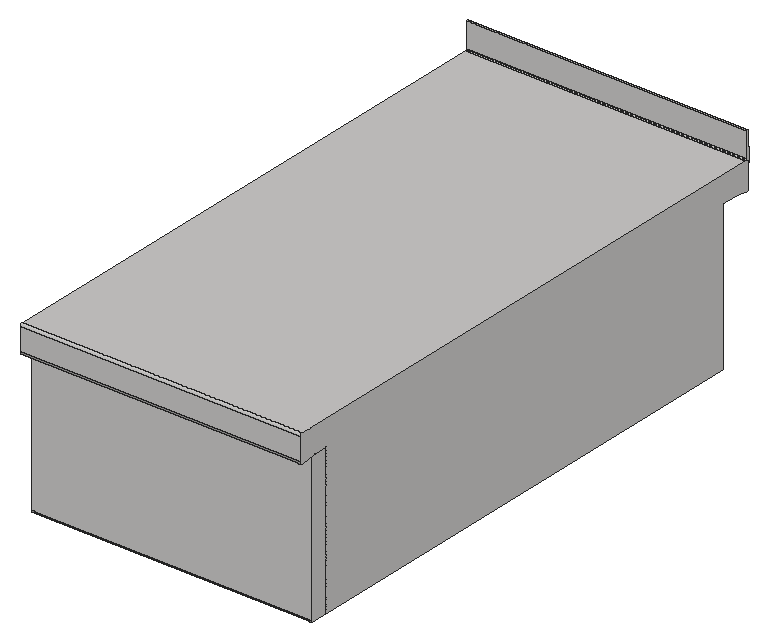
Revit family "QF_ELECTROLUXPROFESSIONAL_588109_MANABBDOOO", category Specialty Equipment, Revit 2018
Family settings
  Round Connector Dimension = Use Diameter
  Part Type = Normal
  Work Plane-Based = No
  Always vertical = Yes
  Cut with Voids When Loaded = No
  Shared = No
  Room Calculation Point = No
Parameters
  Weight in Pounds = 24.25
  URL Cutsheet = "www.electrolux.com/professional"
  URL = "www.electrolux.com/professional"
  Type Mark [instance] = ""
  Status [instance] = ""
  Specification by User [instance] = ""
  Specification by Manufacturer = ""
  Serial Number = ""
  Seismic Rating = ""
  SMACNA No = ""
  Revision Code [instance] = ""
  Omniclass Number and Title = ""
  NAFEM Spec ID Number = ""
  Model = "588109"
  Masterspec = ""
  Manufacturer = "ELECTROLUX"
  Item Number [instance] = ""
  Installed By [instance] = ""
  Identify Quantity as Lot [instance] = yes
  Furnished By [instance] = ""
  Foodservice Equipment Identifier [instance] = yes
  Direct Waste Size = 0"
  Description = "CLOSED WORK TOP,1-S,BACKSPL,400X800X250H"
  CSI MasterFormat = ""
  CSI Master Format = ""
Reference planes
  plane 1 "BACK": y = 0
  plane 2: z = 0
  plane 3 "LEFT": x = 0
  plane 4 "RIGHT": x = 400
  plane 5 "FRONT": y = -800
  plane 6 "TOP": z = 250
  plane 7 "Center Y": x = 200
  plane 8 "Center X": y = -400
  plane 9: z = 288
Forms (mm)
  Extrusion 1, solid, material "QF_Finishes_Stainless Steel"
    sketch origin (0, 50.048, 0) x (0, 1, 0) y (0, 0, 1)
      loop
        line (-95.048, 213) -> (-71.412, 213) -> (-54.743, 210.061)
        arc (-54.743, 210.061) -> (-51.477, 210.936) -> (-50.048, 214) r 4
        line (-50.048, 214) -> (-50.048, 246)
        arc (-50.048, 246) -> (-51.22, 248.828) -> (-54.048, 250) r 4
        line (-54.048, 250) -> (-846.048, 250)
        arc (-846.048, 250) -> (-848.877, 248.828) -> (-850.048, 246) r 4
        line (-850.048, 246) -> (-850.048, 214)
        arc (-850.048, 214) -> (-848.619, 210.936) -> (-845.353, 210.061) r 4
        line (-845.353, 210.061) -> (-828.509, 213) -> (-805.048, 213) -> (-805.048, 0) -> (-95.048, 0) -> (-95.048, 213)
    from 0 to 400
  Extrusion 2, solid, material "QF_Finishes_Stainless Steel"
    sketch origin (0, 50.048, 0) x (0, 1, 0) y (0, 0, 1)
      loop
        arc (-828.048, 213) -> (-829.462, 212.414) -> (-830.048, 211) r 2
        line (-830.048, 211) -> (-830.048, 2)
        arc (-830.048, 2) -> (-829.462, 0.586) -> (-828.048, 0) r 2
        line (-828.048, 0) -> (-805.048, 0) -> (-805.048, 213) -> (-828.048, 213)
    from 0 to 400
  Extrusion 3, solid, material "QF_Finishes_Stainless Steel"
    sketch origin (0, -950.048, 0) x (0, -1, 0) y (0, 0, -1)
      loop
        arc (-948.097, -252.006) -> (-947.511, -250.592) -> (-946.097, -250.006) r 2
        arc (-946.097, -250.006) -> (-948.877, -248.828) -> (-950.048, -246) r 4
        line (-950.048, -246) -> (-950.048, -288.006) -> (-948.097, -288.006) -> (-948.097, -252.006)
    from 0 to 400
Lines and regions (mm)
  symbolic lines
    curve 1: line (0, 0, 0) -> (400, 0, 0)
    curve 2: line (0, -800, 0) -> (0, 0, 0)
    curve 3: line (400, -800, 0) -> (0, -800, 0)
    curve 4: line (400, 0, 0) -> (400, -800, 0)
    curve 5: line (0, -1.951, 0) -> (400, -1.951, 0)
Dimensions and locks
  equal spacing: plane 3 "LEFT", plane 7 "Center Y", plane 4 "RIGHT"
  plane 3 "LEFT" to plane 4 "RIGHT" = 400.00 mm
  equal spacing: plane 5 "FRONT", plane 8 "Center X", plane 1 "BACK"
  plane 5 "FRONT" to plane 1 "BACK" = 800.00 mm
  plane 6 "TOP" to level = 250.00 mm
  plane 9 to level = 288.00 mm
  plane 9 to plane 6 "TOP" = 38.00 mm
  aligned and locked: level to plane 2
  aligned and locked: Extrusion 1 to plane 4 "RIGHT"
  aligned and locked: Extrusion 2 to plane 4 "RIGHT"
  aligned and locked: Extrusion 3 to plane 4 "RIGHT"
Automatic sketch dimensions
  Extrusion 1 sketch curve to plane 5 "FRONT" = 0.00 mm
  Extrusion 1 sketch curve to plane 6 "TOP" = 0.00 mm
  Extrusion 1 sketch curve to level = 0.00 mm
  Extrusion 1 sketch curve to plane 1 "BACK" = 0.00 mm
  Extrusion 1 sketch curve to plane 5 "FRONT" = 4.695 mm
  Extrusion 1 sketch curve to plane 6 "TOP" = 39.939 mm
  Extrusion 1 sketch curve to plane 5 "FRONT" = 4.00 mm  (x2)
  Extrusion 1 sketch curve to Extrusion 1 sketch curve = 16.844 mm
  Extrusion 1 sketch curve to plane 5 "FRONT" = 45.00 mm
  plane 1 "BACK" to Extrusion 1 sketch curve = 45.00 mm
  plane 1 "BACK" to Extrusion 1 sketch curve = 21.364 mm
  plane 1 "BACK" to Extrusion 1 sketch curve = 4.00 mm
  plane 1 "BACK" to Extrusion 1 sketch curve = 4.695 mm
  Extrusion 1 sketch curve to Extrusion 1 sketch curve = 0.00 mm  (x2)
  Extrusion 1 sketch curve to Extrusion 1 sketch curve = 4.00 mm
  Extrusion 1 sketch curve to plane 6 "TOP" = 37.00 mm  (x2)
  Extrusion 1 sketch curve to Extrusion 1 sketch curve = 1.00 mm
  Extrusion 2 sketch curve to level = 0.00 mm
  Extrusion 2 sketch curve to plane 5 "FRONT" = 20.00 mm
  level to Extrusion 2 sketch curve = 2.00 mm
  Extrusion 2 sketch curve to Extrusion 2 sketch curve = 2.00 mm
  Extrusion 2 sketch curve to Extrusion 2 sketch curve = 23.00 mm
  Extrusion 2 sketch curve to plane 6 "TOP" = 39.00 mm
  Extrusion 3 sketch curve to plane 1 "BACK" = 0.00 mm  (x2)
  Extrusion 3 sketch curve to plane 6 "TOP" = 2.006 mm
  Extrusion 3 sketch curve to plane 6 "TOP" = 0.00 mm
  Extrusion 3 sketch curve to plane 9 = 0.006 mm
  Extrusion 3 sketch curve to Extrusion 3 sketch curve = 1.951 mm
  Extrusion 3 sketch curve to Extrusion 3 sketch curve = 2.00 mm
  Extrusion 3 sketch curve to Extrusion 3 sketch curve = 0.049 mm
  Extrusion 3 sketch curve to Extrusion 3 sketch curve = 0.00 mm
  plane 1 "BACK" to curve 1 = 0.00 mm
  curve 1 to plane 3 "LEFT" = 0.00 mm
  curve 1 to plane 4 "RIGHT" = 0.00 mm
  plane 5 "FRONT" to curve 4 = 0.00 mm
  curve 5 to curve 1 = 1.951 mm
